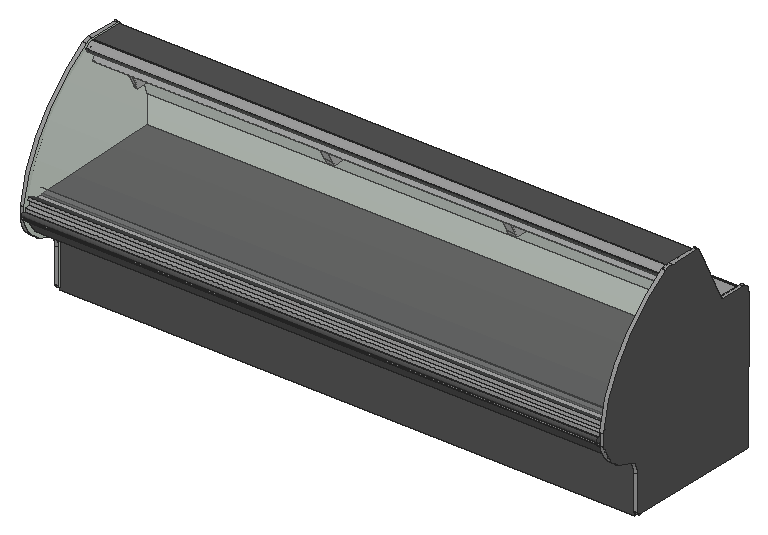
Revit family "ES1_2014", category Specialty Equipment, Revit 2014
Parameters (values of type "12'-0" Length")
  Width = 144 1/2"
  Waste Drain = 1 1/2"  # constant formula
  URL = "www.hussmann.com"
  Type Comments = "Elite"  # constant formula
  Trim = Stainless Steel
  Total Weight = Case Weight + (2 * End Weight)  # 1400.00 lbf
  Splashguard = Textured Sheet Metal (Steel Painted) - 701 Black
  Side Panel - Right [instance] = yes
  Side Panel - Left [instance] = yes
  Shelves = Sheet Metal (Steel Painted) - 701 Black
  Revit Family Date = "05/26/2016"  # constant formula
  Refrigeration Lines Suction = 7/8"  # constant formula
  Refrigeration Lines Liquid = 3/8"  # constant formula
  Refrig. Suction = "Suction"
  Refrig. Liquid = "Liquid"
  Number of Supports = if(Width < 50", 2, if(Width < 100", 3, 4))  # 4
  Note from Manufacturer = "This model only comes in 4'-0\", 6'-0\", 8'-0\" and 12'-0\" lengths."
  Model URL = "http://www.hussmann.com/en/product%20viewer/display-cases/ES1"
  Model = "ES1"  # constant formula
  Manufacturer Disclaimer = "The information in this file is not intended to be an exact representation of the corresponding Hussmann product.  Further, we reserve the right to change or revise specifications and product design in connection with any feature of our products. Such changes do not entitle the buyer to corresponding changes, improvements, additions, or replacements for equipment previously sold or shipped."  # constant formula
  Manufacturer = "Hussmann Corporation"  # constant formula
  Light [instance] = yes
  Height = 52 1/8"  # constant formula
  Glazing = Glass
  Ends = Textured Sheet Metal (Steel Painted) - 701 Black
  End Weight = 100.00 lbf  # constant formula
  Drain from Center = if(Width = 72 3/8", 12 1/16", if(Width = 96 3/8", 24 1/16", 1/64"))  # 1/64"
  Door Frame = Plastic - 701 Black
  Description = "Single Deck Curved Glass Case for Deli, Meat, or Seafood"  # constant formula
  Depth = 46 1/8"  # constant formula
  Cutsheet URL = "http://www.hussmann.com/en/Technical%20Documents/0522406_D_ES1.pdf"
  Close Off Panel = Textured Sheet Metal (Steel Painted) - 701 Black
  Case Weight = if(Width = 48 1/4", 600.00 lbf, if(Width = 72 3/8", 700.00 lbf, if(Width = 96 3/8", 1100.00 lbf, if(Width = 144 1/2", 1200.00 lbf, 0.00 lbf))))  # 1200.00 lbf
  Case Interior - Side Panel = Mirror
  Case Interior - Back Panel = Mirror
  Case = Textured Sheet Metal (Steel Painted) - 701 Black
  Bumper = Extruded PVC - 701 Black
  Assembly Code = ""
  Accessories/Options = ""
  8 Case = Width = 96 3/8"  # no
  6 Case = Width = 72 3/8"  # no
  12 Case = Width = 144 1/2"  # yes
Types (4): name | Width | Total Weight | Number of Supports | Drain from Center | Case Weight | 8 Case | 6 Case | 12 Case
  12'-0" Length | 144 1/2" | 1400.00 lbf | 4 | 1/64" | 1200.00 lbf | no | no | yes
  8'-0" Length | 96 3/8" | 1300.00 lbf | 3 | 24 1/16" | 1100.00 lbf | yes | no | no
  6'-0" Length | 72 3/8" | 900.00 lbf | 3 | 12 1/16" | 700.00 lbf | no | yes | no
  4'-0" Length | 48 1/4" | 800.00 lbf | 2 | 1/64" | 600.00 lbf | no | no | no
Reference planes (in)
  plane 1 "Back": y = 0
  plane 2 "Bottom": z = 0
  plane 3 "Top": z = 52.125
  plane 4 "Left": x = -77.30699
  plane 5 "Front": y = -46.125
  plane 6 "Center (Left/Right)": x = -5.05699
  plane 7: x = -78.30699
  plane 8 "Right": x = 67.19301
  plane 9: x = 68.19301
Forms (in)
  Extrusion 1, solid, material "Metal - Copper"
    sketch origin (57.40105, 5, -0.375) x (1, 0, 0) y (0, 1, 0)
      loop
        circle (0.97946, -35.25) r 0.41359
      loop
        circle (0.97946, -35.25) r 0.4375
    from 15.9275 to 0.375
  Extrusion 2, solid, material "Metal - Copper"
    sketch origin (59.82608, 5, -0.375) x (1, 0, 0) y (0, 1, 0)
      loop
        circle (-0.82057, -35.25) r 0.17188
      loop
        circle (-0.82057, -35.25) r 0.1875
    from 15.9275 to 0.375
  Extrusion 3, solid, material "Metal - Copper"
    sketch origin (-56.6875, 1.04319, 0) x (1, 0, 0) y (0, 1, 0)
      loop
        arc (51.64614, -27.41819) -> (51.11581, -27.63786) -> (50.89614, -28.16819) r 0.75
        arc (50.89614, -28.16819) -> (51.11581, -28.69852) -> (51.64614, -28.91819) r 0.75
        arc (51.64614, -28.91819) -> (52.17647, -28.69852) -> (52.39614, -28.16819) r 0.75
        arc (52.39614, -28.16819) -> (52.17647, -27.63786) -> (51.64614, -27.41819) r 0.75
      loop
        circle (51.64614, -28.16819) r 0.7102
    from 15.5525 to 14.5064
  Extrusion 4, solid, material "Textured Sheet Metal (Steel Painted) - 701 Black" <- "Splashguard"
    sketch origin (-77.30699, 0, 0) x (0, 1, 0) y (0, 0, 1)
      loop
        line (-33.696, 14.616) -> (-34.125, 14.616) -> (-34.125, 0) -> (-33.696, 0) -> (-33.696, 0.6875) -> (-33.696, 14.616)
      loop
        line (-4.85, 11.929) -> (-4.85, 12.31836) -> (-5.077, 12.31836) -> (-5.077, 0) -> (-4.577, 0) -> (-4.577, 11.929) -> (-4.85, 11.929)
    from 0 to 144.5 <- "Width"
  Extrusion 5, solid, material "Textured Sheet Metal (Steel Painted) - 701 Black" <- "Case"
    sketch origin (-77.30699, 0, 0) x (0, 1, 0) y (0, 0, 1)
      loop
        arc (-44.21136, 20.55912) -> (-41.24283, 16.19096) -> (-36.23731, 14.5064) r 8.279
        line (-36.23731, 14.5064) -> (-35.92331, 14.5064) -> (-35.92331, 15.0455) -> (-33.4203, 15.0455) -> (-33.4203, 15.5525) -> (-6.022, 15.5525) -> (-6.022, 12.31836) -> (-3.09214, 12.31836) -> (-1.484, 13.9265) -> (-1.484, 36.773) -> (-8.51731, 36.773) -> (-6.96432, 32.5062) -> (-6.869, 32.54089) -> (-6.869, 21.4475) -> (-8.89025, 21.4475) -> (-8.98391, 24.12974) -> (-19.0218, 23.77923) -> (-19.02552, 23.88595) -> (-27.0014, 21.4475) -> (-38.27432, 21.4475) -> (-38.27432, 23.29152) -> (-44.989, 23.29152) -> (-44.989, 20.64812)
        arc (-44.989, 20.64812) -> (-44.96293, 20.58519) -> (-44.9, 20.55912) r 0.089
        line (-44.9, 20.55912) -> (-44.21136, 20.55912)
      loop
        line (-23.84996, 49.48886) -> (-21.66335, 49.48886) -> (-16.1452, 49.48886) -> (-15.72409, 48.75946) -> (-15.04211, 49.10695) -> (-14.76711, 49.95331) -> (-15.80989, 51.99989) -> (-24.03864, 51.99989) -> (-24.03864, 50.75308) -> (-23.84996, 50.75308) -> (-23.84996, 49.48886)
    from 0 to 144.5 <- "Width"
  Extrusion 6, solid, material "Sheet Metal (Steel Painted) - 701 Black" <- "Shelves"
    sketch origin (-77.30699, 0, 0) x (0, 1, 0) y (0, 0, 1)
      loop
        line (-6.90546, 25.39651) -> (-39.94989, 24.31879) -> (-39.92473, 23.5472) -> (-6.8803, 24.62492) -> (-6.90546, 25.39651)
    from 0 to 144.5 <- "Width"
  Extrusion 7, solid, material "Glass" <- "Glazing"
    sketch origin (-77.30699, 0, 0) x (0, 1, 0) y (0, 0, 1)
      loop
        arc (-25.37545, 51.07081) -> (-37.61205, 39.91392) -> (-44.31895, 24.77364) r 40.236
        line (-44.31895, 24.77364) -> (-44.08813, 24.72451)
        arc (-44.08813, 24.72451) -> (-37.42056, 39.77598) -> (-25.25573, 50.86742) r 40
        line (-25.25573, 50.86742) -> (-25.37545, 51.07081)
    from 0 to 144.5 <- "Width"
  Extrusion 8, solid, material "Stainless Steel" <- "Trim"
    sketch origin (-77.30699, 0, 0) x (0, 1, 0) y (0, 0, 1)
      loop
        line (-40.30332, 24.18252) -> (-41.50346, 24.18252) -> (-43.49778, 25.33394) -> (-43.9321, 25.4264)
        arc (-43.9321, 25.4264) -> (-44.01169, 25.0758) -> (-44.08813, 24.72451) r 40
        line (-44.08813, 24.72451) -> (-44.31895, 24.77364)
        arc (-44.31895, 24.77364) -> (-44.24253, 25.12494) -> (-44.16297, 25.47555) r 40.236
        line (-44.16297, 25.47555) -> (-44.2208, 25.48786) -> (-44.38341, 24.72398) -> (-43.68269, 24.57481) -> (-43.88693, 23.41652) -> (-45.114, 23.41652) -> (-45.114, 20.52312)
        arc (-45.114, 20.52312) -> (-45.08793, 20.46019) -> (-45.025, 20.43412) r 0.089
        line (-45.025, 20.43412) -> (-44.1754, 20.43412)
        arc (-44.1754, 20.43412) -> (-44.19362, 20.49655) -> (-44.21136, 20.55912) r 8.279
        line (-44.21136, 20.55912) -> (-44.9, 20.55912)
        arc (-44.9, 20.55912) -> (-44.96293, 20.58519) -> (-44.989, 20.64812) r 0.089
        line (-44.989, 20.64812) -> (-44.989, 23.29152) -> (-40.30332, 23.29152) -> (-40.30332, 24.18252)
      loop
        line (-1.484, 35.805) -> (-1.018, 36.271) -> (-1.018, 36.68575)
        arc (-1.018, 36.68575) -> (-0.40692, 36.23214) -> (-0.13069, 35.523) r 1.375
        line (-0.13069, 35.523) -> (-0.5, 35.523) -> (-0.5, 35.398) -> (0, 35.398)
        arc (0, 35.398) -> (-0.43934, 36.45866) -> (-1.5, 36.898) r 1.5
        line (-1.5, 36.898) -> (-1.90281, 36.898) -> (-1.90281, 37.211)
        arc (-1.90281, 37.211) -> (-1.92097, 37.25484) -> (-1.96481, 37.273) r 0.062
        line (-1.96481, 37.273) -> (-8.65281, 37.273) -> (-8.65281, 36.773) -> (-1.484, 36.773) -> (-1.484, 35.805)
      loop
        line (-19.72359, 48.88701) -> (-18.4034, 48.88701) -> (-18.75088, 49.48886) -> (-21.49225, 49.48886) -> (-23.12061, 49.17234) -> (-24.02159, 47.24018)
        arc (-24.02159, 47.24018) -> (-24.00493, 47.17808) -> (-23.94088, 47.18373) r 0.05
        line (-23.94088, 47.18373) -> (-23.14663, 48.88701) -> (-19.72359, 48.88701)
      loop
        arc (-23.84996, 50.02578) -> (-23.98456, 50.04148) -> (-24.11837, 50.06294) r 3.15396
        line (-24.11837, 50.06294) -> (-24.11837, 51.93732)
        arc (-24.11837, 51.93732) -> (-25.21636, 51.57413) -> (-26.05055, 50.7731) r 2.61654
        arc (-26.05055, 50.7731) -> (-26.05779, 50.74717) -> (-26.04667, 50.72265) r 0.03937
        line (-26.04667, 50.72265) -> (-26.02179, 50.68214)
        arc (-26.02179, 50.68214) -> (-25.69953, 50.87799) -> (-25.37545, 51.07081) r 40.236
        line (-25.37545, 51.07081) -> (-25.25573, 50.86742)
        arc (-25.25573, 50.86742) -> (-25.59848, 50.66336) -> (-25.93918, 50.45589) r 40
        line (-25.93918, 50.45589) -> (-25.81359, 50.25082) -> (-25.65449, 50.34825) -> (-25.29863, 49.76715)
        arc (-25.29863, 49.76715) -> (-25.21461, 49.67642) -> (-25.10215, 49.62504) r 0.31496
        line (-25.10215, 49.62504) -> (-24.41813, 49.46415)
        arc (-24.41813, 49.46415) -> (-23.50071, 49.36397) -> (-22.58632, 49.48886) r 3.78388
        line (-22.58632, 49.48886) -> (-23.84996, 49.48886) -> (-23.84996, 50.02578)
    from 0 to 144.5 <- "Width"
  Extrusion 9, solid, material "Extruded PVC - 701 Black" <- "Bumper"
    sketch origin (-77.30699, 0, 0) x (0, 1, 0) y (0, 0, 1)
      loop
        line (-45.114, 22.49036) -> (-45.445, 22.49036)
        arc (-45.445, 22.49036) -> (-46, 21.93536) -> (-45.445, 21.38036) r 0.555
        line (-45.445, 21.38036) -> (-45.114, 21.38036) -> (-45.114, 22.49036)
    from 0 to 144.5 <- "Width"
  Extrusion 10, solid, material "Glass" <- "Glazing"
    sketch origin (-77.30699, 0, 0) x (0, 1, 0) y (0, 0, 1)
      loop
        line (-40.30332, 23.41652) -> (-40.05332, 23.41652) -> (-40.05332, 25.91652) -> (-40.30332, 25.91652) -> (-40.30332, 23.41652)
    from 0 to 144.5 <- "Width"
  Extrusion 11, solid, material "Textured Sheet Metal (Steel Painted) - 701 Black" <- "Ends", visible <- "Side Panel - Left"
    sketch origin (-77.30699, 0, 0) x (0, 1, 0) y (0, 0, 1)
      loop
        arc (-25.61731, 51.68684) -> (-38.53762, 39.79918) -> (-45.26593, 23.5825) r 40.79974
        line (-45.26593, 23.5825) -> (-45.26593, 20.45652)
        arc (-45.26593, 20.45652) -> (-42.48429, 15.90089) -> (-37.66704, 13.60189) r 9.37494
        arc (-37.66704, 13.60189) -> (-35.28375, 12.2683) -> (-34.33818, 9.70618) r 3.94397
        line (-34.33818, 9.70618) -> (-34.33818, 0.98476)
        arc (-34.33818, 0.98476) -> (-34.19174, 0.63121) -> (-33.83819, 0.48476) r 0.5
        line (-33.83819, 0.48476) -> (-0.25603, 0.48476)
        arc (-0.25603, 0.48476) -> (0.09752, 0.63121) -> (0.24397, 0.98476) r 0.5
        line (0.24397, 0.98476) -> (0.24397, 1.35975) -> (0.24397, 35.52248) -> (0.24397, 36.02248)
        arc (0.24397, 36.02248) -> (-0.19537, 37.08313) -> (-1.25602, 37.52247) r 1.49999
        line (-1.25602, 37.52247) -> (-7.72963, 37.52247)
        arc (-7.72963, 37.52247) -> (-7.99087, 37.59615) -> (-8.17513, 37.79547) r 0.5
        line (-8.17513, 37.79547) -> (-8.57236, 38.5751) -> (-15.06501, 51.31763) -> (-15.46225, 52.09726)
        arc (-15.46225, 52.09726) -> (-15.55438, 52.19692) -> (-15.685, 52.23376) r 0.25
        line (-15.685, 52.23376) -> (-23.59835, 52.23376)
        arc (-23.59835, 52.23376) -> (-24.64421, 52.09461) -> (-25.61731, 51.68684) r 3.99997
    from 0 to -1
  Extrusion 12, solid, material "Textured Sheet Metal (Steel Painted) - 701 Black" <- "Ends", visible <- "Side Panel - Right"
    sketch origin (67.19301, 0, 0) x (0, 1, 0) y (0, 0, -1)
      loop
        arc (-25.61731, -51.68684) -> (-24.64421, -52.09461) -> (-23.59835, -52.23376) r 3.99997
        line (-23.59835, -52.23376) -> (-15.685, -52.23376)
        arc (-15.685, -52.23376) -> (-15.55438, -52.19692) -> (-15.46225, -52.09726) r 0.25
        line (-15.46225, -52.09726) -> (-15.06501, -51.31763) -> (-8.57236, -38.5751) -> (-8.17513, -37.79547)
        arc (-8.17513, -37.79547) -> (-7.99087, -37.59615) -> (-7.72963, -37.52247) r 0.5
        line (-7.72963, -37.52247) -> (-1.25602, -37.52247)
        arc (-1.25602, -37.52247) -> (-0.19537, -37.08313) -> (0.24397, -36.02248) r 1.49999
        line (0.24397, -36.02248) -> (0.24397, -35.52248) -> (0.24397, -1.35975) -> (0.24397, -0.98476)
        arc (0.24397, -0.98476) -> (0.09752, -0.63121) -> (-0.25603, -0.48476) r 0.5
        line (-0.25603, -0.48476) -> (-33.83819, -0.48476)
        arc (-33.83819, -0.48476) -> (-34.19174, -0.63121) -> (-34.33818, -0.98476) r 0.5
        line (-34.33818, -0.98476) -> (-34.33818, -9.70618)
        arc (-34.33818, -9.70618) -> (-35.28375, -12.2683) -> (-37.66704, -13.60189) r 3.94397
        arc (-37.66704, -13.60189) -> (-42.48429, -15.90089) -> (-45.26593, -20.45652) r 9.37494
        line (-45.26593, -20.45652) -> (-45.26593, -23.5825)
        arc (-45.26593, -23.5825) -> (-38.53762, -39.79918) -> (-25.61731, -51.68684) r 40.79974
    from 0 to -1
  Extrusion 13, solid, material "Stainless Steel" <- "Trim"
    sketch origin (-77.30699, 0, 0) x (0, 1, 0) y (0, 0, 1)
      loop
        line (-18.75088, 49.48886) -> (-11.18132, 36.378) -> (-11.36131, 36.378) -> (-10.73819, 35.39386) -> (-8.01535, 35.39386) -> (-8.37354, 36.378) -> (-8.57564, 36.378) -> (-16.1452, 49.48886) -> (-18.75088, 49.48886)
    from 0 to 1
  Extrusion 14, solid, material "Stainless Steel" <- "Trim"
    sketch origin (67.22426, 0, 0) x (0, 1, 0) y (0, 0, -1)
      loop
        line (-18.75088, -49.48886) -> (-16.1452, -49.48886) -> (-8.57564, -36.378) -> (-8.37354, -36.378) -> (-8.01535, -35.39386) -> (-10.73819, -35.39386) -> (-11.36131, -36.378) -> (-11.18132, -36.378) -> (-18.75088, -49.48886)
    from 0.03125 to 1
  Extrusion 15, solid, material "Stainless Steel" <- "Trim", visible <- "12 Case"
    sketch origin (-27.98928, -1.67018, 0) x (0, 1, 0) y (0, 0, 1)
      loop
        line (-17.0807, 49.48886) -> (-9.51114, 36.378) -> (-9.69113, 36.378) -> (-9.06801, 35.39386) -> (-6.34517, 35.39386) -> (-6.70336, 36.378) -> (-6.90546, 36.378) -> (-14.47502, 49.48886) -> (-17.0807, 49.48886)
    from -1 to 1
  Extrusion 16, solid, material "Stainless Steel" <- "Trim", visible <- "12 Case"
    sketch origin (17.84406, -1.67018, 0) x (0, 1, 0) y (0, 0, 1)
      loop
        line (-17.0807, 49.48886) -> (-9.51114, 36.378) -> (-9.69113, 36.378) -> (-9.06801, 35.39386) -> (-6.34517, 35.39386) -> (-6.70336, 36.378) -> (-6.90546, 36.378) -> (-14.47502, 49.48886) -> (-17.0807, 49.48886)
    from -1 to 1
  Extrusion 17, solid, material "Stainless Steel" <- "Trim", visible <- "8 Case"
    sketch origin (-29.23928, -1.67018, 0) x (0, 1, 0) y (0, 0, 1)
      loop
        line (-17.0807, 49.48886) -> (-9.51114, 36.378) -> (-9.69113, 36.378) -> (-9.06801, 35.39386) -> (-6.34517, 35.39386) -> (-6.70336, 36.378) -> (-6.90546, 36.378) -> (-14.47502, 49.48886) -> (-17.0807, 49.48886)
    from -1 to 1
  Extrusion 18, solid, material "Stainless Steel" <- "Trim", visible <- "6 Case"
    sketch origin (-41.11949, -1.67018, 0) x (0, 1, 0) y (0, 0, 1)
      loop
        line (-17.0807, 49.48886) -> (-9.51114, 36.378) -> (-9.69113, 36.378) -> (-9.06801, 35.39386) -> (-6.34517, 35.39386) -> (-6.70336, 36.378) -> (-6.90546, 36.378) -> (-14.47502, 49.48886) -> (-17.0807, 49.48886)
    from -1 to 1
Lines and regions (in)
  reference lines
    curve 1: line (-73.80699, -46.125, 0) -> (-73.80699, 0, 0)
    curve 2: line (-5.04136, -46.125, 0) -> (-5.04136, 0, 0)
    curve 3: line (63.69301, -46.125, 0) -> (63.69301, 0, 0)
    curve 4: line (58.81801, -46.125, 0) -> (58.81801, 0, 0)
    curve 5: line (-77.30699, -27.125, 0) -> (67.19301, -27.125, 0)
    curve 6: line (67.19301, -30.25, 0) -> (-77.30699, -30.25, 0)
Dimensions and locks (in)
  equal spacing: plane 4 "Left", plane 6 "Center (Left/Right)", plane 8 "Right"
  locked: plane 7 to plane 4 "Left" at 1
  "Width": plane 4 "Left" to plane 8 "Right"
  locked: plane 4 "Left" to curve 1 at 3.5
  locked: curve 3 to plane 8 "Right" at 3.5
  "Depth": plane 5 "Front" to plane 1 "Back"
  locked: curve 4 to plane 8 "Right" at 8.375
  "Height": plane 3 "Top" to level
  plane 1 "Back" to curve 5 = 27 1/8"
  locked: plane 1 "Back" to curve 6 at 30.25
  locked: plane 8 "Right" to plane 9 at 1
  locked: Extrusion 3 sketch curve to Extrusion 3 sketch curve at 0.0398
  locked: Extrusion 2 sketch curve to Extrusion 2 sketch curve at 0.01562
  locked: Extrusion 1 sketch curve to Extrusion 1 sketch curve at 0.02391
  locked: nested 1 to plane 1 "Back" at 19.4375
  equal spacing: group 1, group 3, group 4, group 2  (x3)
  "Drain from Center": plane 6 "Center (Left/Right)" to curve 2
  locked: plane 4 "Left" to Extrusion 13 at 1
  locked: Extrusion 14 to plane 8 "Right" at 0.96875
  "Waste Drain": diameter of Extrusion 3 sketch curve
  "Refrigeration Lines Liquid": diameter of Extrusion 2 sketch curve
  "Refrigeration Lines Suction": diameter of Extrusion 1 sketch curve
  aligned and locked: plane 5 "Front" to curve 3
  aligned and locked: plane 5 "Front" to curve 2
  aligned and locked: plane 5 "Front" to curve 1
  aligned and locked: plane 4 "Left" to curve 5
  aligned and locked: plane 4 "Left" to curve 6
  aligned and locked: plane 8 "Right" to curve 6
  aligned and locked: plane 8 "Right" to curve 5
  aligned and locked: Extrusion 1 to level
  aligned and locked: Extrusion 2 to level
  aligned and locked: curve 6 to Extrusion 2 sketch curve  (x4)
  aligned and locked: curve 6 to Extrusion 1 sketch curve  (x4)
  aligned and locked: curve 5 to Extrusion 3 sketch curve
  aligned and locked: curve 2 to Extrusion 3 sketch curve
  aligned and locked: curve 4 to Extrusion 2 sketch curve
  aligned and locked: curve 4 to Extrusion 1 sketch curve
  aligned and locked: curve 3 to nested 2
  aligned and locked: curve 1 to nested 1
  aligned and locked: plane 7 to Extrusion 11
  aligned and locked: plane 9 to Extrusion 12
  aligned and locked: Extrusion 12 to plane 8 "Right"
  aligned and locked: Extrusion 14 to Extrusion 12
  aligned and locked: plane 4 "Left" to nested 3
  aligned and locked: plane 4 "Left" to nested 4
Automatic sketch dimensions
  Extrusion 4 sketch curve to level = 0"  (x2)
  plane 5 "Front" to Extrusion 4 sketch curve = 12"
  Extrusion 4 sketch curve to Extrusion 4 sketch curve = 0.429"
  plane 1 "Back" to Extrusion 4 sketch curve = 5.077"
  Extrusion 4 sketch curve to Extrusion 4 sketch curve = 0.227"
  Extrusion 4 sketch curve to Extrusion 4 sketch curve = 0.273"
  level to Extrusion 4 sketch curve = 11/16"
  Extrusion 4 sketch curve to Extrusion 4 sketch curve = 11.929"
  Extrusion 4 sketch curve to Extrusion 4 sketch curve = 0.38936"
  Extrusion 4 sketch curve to Extrusion 4 sketch curve = 13.9285"
  plane 5 "Front" to Extrusion 5 sketch curve = 1.136"
  Extrusion 5 sketch curve to Extrusion 5 sketch curve = 0.089"
  Extrusion 5 sketch curve to Extrusion 5 sketch curve = 0.68864"
  Extrusion 5 sketch curve to Extrusion 5 sketch curve = 5.93704"
  Extrusion 5 sketch curve to Extrusion 5 sketch curve = 2.03701"
  Extrusion 5 sketch curve to Extrusion 5 sketch curve = 0.314"
  Extrusion 5 sketch curve to Extrusion 5 sketch curve = 2.50301"
  plane 3 "Top" to Extrusion 5 sketch curve = 0.12511"
  plane 5 "Front" to Extrusion 5 sketch curve = 22.08636"
  Extrusion 5 sketch curve to Extrusion 5 sketch curve = 0.18868"
  Extrusion 5 sketch curve to Extrusion 5 sketch curve = 2.18661"
  plane 3 "Top" to Extrusion 5 sketch curve = 2.63614"
  Extrusion 5 sketch curve to Extrusion 5 sketch curve = 5.51814"
  Extrusion 5 sketch curve to Extrusion 5 sketch curve = 0.33531"
  plane 3 "Top" to Extrusion 5 sketch curve = 3.36554"
  Extrusion 5 sketch curve to Extrusion 5 sketch curve = 0.42112"
  plane 3 "Top" to Extrusion 5 sketch curve = 3.01805"
  Extrusion 5 sketch curve to Extrusion 5 sketch curve = 0.68198"
  plane 3 "Top" to Extrusion 5 sketch curve = 2.17169"
  Extrusion 5 sketch curve to Extrusion 5 sketch curve = 0.275"
  plane 1 "Back" to Extrusion 5 sketch curve = 8.51731"
  Extrusion 5 sketch curve to Extrusion 5 sketch curve = 1.55299"
  plane 1 "Back" to Extrusion 5 sketch curve = 6.869"
  Extrusion 5 sketch curve to Extrusion 5 sketch curve = 0.847"
  Extrusion 5 sketch curve to Extrusion 5 sketch curve = 2.92986"
  plane 1 "Back" to Extrusion 5 sketch curve = 1.484"
  plane 3 "Top" to Extrusion 5 sketch curve = 15.352"
  Extrusion 5 sketch curve to Extrusion 5 sketch curve = 4.23211"
  level to Extrusion 5 sketch curve = 23.29152"
  Extrusion 5 sketch curve to Extrusion 5 sketch curve = 0.50612"
  Extrusion 5 sketch curve to Extrusion 5 sketch curve = 11.0587"
  Extrusion 5 sketch curve to Extrusion 5 sketch curve = 2.64341"
  Extrusion 5 sketch curve to Extrusion 5 sketch curve = 5.895"  (x2)
  Extrusion 5 sketch curve to Extrusion 5 sketch curve = 0.5391"
  Extrusion 5 sketch curve to Extrusion 5 sketch curve = 1.626"
  Extrusion 5 sketch curve to Extrusion 5 sketch curve = 1.60814"
  Extrusion 5 sketch curve to Extrusion 5 sketch curve = 1.2468"
  plane 5 "Front" to Extrusion 6 sketch curve = 6.17511"
  Extrusion 6 sketch curve to Extrusion 6 sketch curve = 0.02516"
  plane 1 "Back" to Extrusion 6 sketch curve = 6.90546"
  level to Extrusion 6 sketch curve = 23.5472"
  Extrusion 6 sketch curve to Extrusion 6 sketch curve = 0.77159"
  Extrusion 7 sketch curve to Extrusion 7 sketch curve = 0"  (x2)
  plane 5 "Front" to Extrusion 7 sketch curve = 1.80605"
  Extrusion 7 sketch curve to Extrusion 7 sketch curve = 0.23083"
  plane 3 "Top" to Extrusion 7 sketch curve = 1.05419"
  plane 5 "Front" to Extrusion 7 sketch curve = 20.74955"
  plane 3 "Top" to Extrusion 7 sketch curve = 1.25758"
  Extrusion 7 sketch curve to Extrusion 7 sketch curve = 0.11972"
  plane 1 "Back" to Extrusion 7 sketch curve = 4.96478"
  level to Extrusion 7 sketch curve = 24.77364"
  Extrusion 8 sketch curve to Extrusion 8 sketch curve = 0"  (x14)
  Extrusion 8 sketch curve to plane 1 "Back" = 0"
  plane 1 "Back" to Extrusion 8 sketch curve = 0.13069"
  Extrusion 8 sketch curve to Extrusion 8 sketch curve = 0.36931"
  Extrusion 8 sketch curve to Extrusion 8 sketch curve = 0.518"
  Extrusion 8 sketch curve to Extrusion 8 sketch curve = 0.466"
  Extrusion 8 sketch curve to Extrusion 8 sketch curve = 0.016"
  Extrusion 8 sketch curve to Extrusion 8 sketch curve = 0.40281"
  Extrusion 8 sketch curve to Extrusion 8 sketch curve = 0.062"
  plane 1 "Back" to Extrusion 8 sketch curve = 4.96478"
  Extrusion 8 sketch curve to Extrusion 8 sketch curve = 6.688"
  plane 3 "Top" to Extrusion 8 sketch curve = 3.23799"
  Extrusion 8 sketch curve to Extrusion 8 sketch curve = 9.7506"
  plane 3 "Top" to Extrusion 8 sketch curve = 2.63614"
  Extrusion 8 sketch curve to Extrusion 8 sketch curve = 0.34748"
  Extrusion 8 sketch curve to Extrusion 8 sketch curve = 0.97271"
  Extrusion 8 sketch curve to Extrusion 8 sketch curve = 1.76866"
  Extrusion 8 sketch curve to Extrusion 8 sketch curve = 1.09407"
  plane 3 "Top" to Extrusion 8 sketch curve = 2.95266"
  Extrusion 8 sketch curve to Extrusion 8 sketch curve = 0.53429"
  Extrusion 8 sketch curve to Extrusion 8 sketch curve = 0.02602"
  Extrusion 8 sketch curve to plane 3 "Top" = 1.02251"
  Extrusion 8 sketch curve to Extrusion 8 sketch curve = 0.96543"
  Extrusion 8 sketch curve to Extrusion 8 sketch curve = 0.00022"
  Extrusion 8 sketch curve to Extrusion 8 sketch curve = 0.72935"
  Extrusion 8 sketch curve to Extrusion 8 sketch curve = 0.01603"
  plane 3 "Top" to Extrusion 8 sketch curve = 4.94127"
  Extrusion 8 sketch curve to Extrusion 8 sketch curve = 0.79425"
  Extrusion 8 sketch curve to Extrusion 8 sketch curve = 0.03539"
  plane 3 "Top" to Extrusion 8 sketch curve = 4.88482"
  Extrusion 8 sketch curve to Extrusion 8 sketch curve = 0.04532"
  plane 3 "Top" to Extrusion 8 sketch curve = 0.18768"
  Extrusion 8 sketch curve to Extrusion 8 sketch curve = 0.56661"
  plane 3 "Top" to Extrusion 8 sketch curve = 2.66085"
  Extrusion 8 sketch curve to Extrusion 8 sketch curve = 0.55215"
  Extrusion 8 sketch curve to Extrusion 8 sketch curve = 0.6119"
  plane 3 "Top" to Extrusion 8 sketch curve = 2.49996"
  Extrusion 8 sketch curve to Extrusion 8 sketch curve = 0.07212"
  plane 3 "Top" to Extrusion 8 sketch curve = 1.25758"
  Extrusion 8 sketch curve to Extrusion 8 sketch curve = 0.2257"
  plane 3 "Top" to Extrusion 8 sketch curve = 2.35785"
  Extrusion 8 sketch curve to Extrusion 8 sketch curve = 0.19648"
  plane 3 "Top" to Extrusion 8 sketch curve = 1.05419"
  Extrusion 8 sketch curve to Extrusion 8 sketch curve = 0.11972"
  plane 3 "Top" to Extrusion 8 sketch curve = 1.77675"
  Extrusion 8 sketch curve to Extrusion 8 sketch curve = 0.39876"
  plane 3 "Top" to Extrusion 8 sketch curve = 1.87418"
  level to Extrusion 8 sketch curve = 50.45589"
  Extrusion 8 sketch curve to Extrusion 8 sketch curve = 0.07935"
  plane 3 "Top" to Extrusion 8 sketch curve = 1.44286"
  plane 3 "Top" to Extrusion 8 sketch curve = 1 103/256"
  Extrusion 8 sketch curve to Extrusion 8 sketch curve = 0.02814"
  plane 5 "Front" to Extrusion 8 sketch curve = 9.88769"
  Extrusion 8 sketch curve to Extrusion 8 sketch curve = 4.06601"
  Extrusion 8 sketch curve to Extrusion 8 sketch curve = 1.20014"
  Extrusion 8 sketch curve to Extrusion 8 sketch curve = 1.99432"
  Extrusion 8 sketch curve to Extrusion 8 sketch curve = 0.18491"
  Extrusion 8 sketch curve to Extrusion 8 sketch curve = 0.20424"
  Extrusion 8 sketch curve to Extrusion 8 sketch curve = 0.43432"
  Extrusion 8 sketch curve to Extrusion 8 sketch curve = 0.40544"
  Extrusion 8 sketch curve to Extrusion 8 sketch curve = 0.23086"
  plane 5 "Front" to Extrusion 8 sketch curve = 1.9496"
  Extrusion 8 sketch curve to Extrusion 8 sketch curve = 0.03596"
  Extrusion 8 sketch curve to Extrusion 8 sketch curve = 0.05783"
  Extrusion 8 sketch curve to Extrusion 8 sketch curve = 0.23083"
  Extrusion 8 sketch curve to Extrusion 8 sketch curve = 0.06446"
  Extrusion 8 sketch curve to Extrusion 8 sketch curve = 0.68864"
  Extrusion 8 sketch curve to Extrusion 8 sketch curve = 0.089"
  Extrusion 8 sketch curve to Extrusion 8 sketch curve = 1/8"  (x6)
  level to Extrusion 8 sketch curve = 20.43412"
  Extrusion 8 sketch curve to Extrusion 8 sketch curve = 2.64341"
  Extrusion 8 sketch curve to Extrusion 8 sketch curve = 0.891"
  Extrusion 8 sketch curve to Extrusion 8 sketch curve = 1.15828"
  Extrusion 8 sketch curve to Extrusion 8 sketch curve = 0.14917"
  Extrusion 8 sketch curve to Extrusion 8 sketch curve = 0.04914"
  Extrusion 8 sketch curve to Extrusion 8 sketch curve = 0.09246"
  plane 3 "Top" to Extrusion 8 sketch curve = 16.727"
  Extrusion 8 sketch curve to Extrusion 8 sketch curve = 0.407"
  Extrusion 8 sketch curve to Extrusion 8 sketch curve = 0.41475"
  Extrusion 8 sketch curve to Extrusion 8 sketch curve = 0.313"
  Extrusion 8 sketch curve to Extrusion 8 sketch curve = 0.15588"
  Extrusion 8 sketch curve to Extrusion 8 sketch curve = 0.53692"
  Extrusion 8 sketch curve to Extrusion 8 sketch curve = 0.03717"
  Extrusion 8 sketch curve to Extrusion 8 sketch curve = 0.02754"
  plane 5 "Front" to Extrusion 9 sketch curve = 0.68"
  Extrusion 9 sketch curve to Extrusion 9 sketch curve = 0.331"
  level to Extrusion 9 sketch curve = 21.38036"
  Extrusion 9 sketch curve to Extrusion 9 sketch curve = 0.555"
  plane 5 "Front" to Extrusion 10 sketch curve = 5.82168"
  Extrusion 10 sketch curve to Extrusion 10 sketch curve = 1/4"
  level to Extrusion 10 sketch curve = 23.41652"
  Extrusion 10 sketch curve to Extrusion 10 sketch curve = 2 1/2"
  plane 5 "Front" to Extrusion 11 sketch curve = 0.85907"
  plane 5 "Front" to Extrusion 11 sketch curve = 7.84284"
  Extrusion 11 sketch curve to Extrusion 11 sketch curve = 9.06105"
  level to Extrusion 11 sketch curve = 0.98476"
  Extrusion 11 sketch curve to Extrusion 11 sketch curve = 3.94397"
  Extrusion 11 sketch curve to Extrusion 11 sketch curve = 1/2"  (x2)
  plane 3 "Top" to Extrusion 11 sketch curve = 3.89121"
  plane 5 "Front" to Extrusion 11 sketch curve = 22.52665"
  plane 3 "Top" to Extrusion 11 sketch curve = 0.14124"
  Extrusion 11 sketch curve to Extrusion 11 sketch curve = 7.91335"
  plane 3 "Top" to Extrusion 11 sketch curve = 0.02774"
  Extrusion 11 sketch curve to Extrusion 11 sketch curve = 0.22275"
  plane 3 "Top" to Extrusion 11 sketch curve = 0.80737"
  Extrusion 11 sketch curve to Extrusion 11 sketch curve = 0.39724"  (x2)
  plane 1 "Back" to Extrusion 11 sketch curve = 8.57236"
  Extrusion 11 sketch curve to Extrusion 11 sketch curve = 0.4455"
  plane 1 "Back" to Extrusion 11 sketch curve = 5.09953"
  plane 1 "Back" to Extrusion 11 sketch curve = 1.25602"
  plane 1 "Back" to Extrusion 11 sketch curve = 0.25603"
  Extrusion 11 sketch curve to plane 1 "Back" = 0.24397"
  Extrusion 11 sketch curve to Extrusion 11 sketch curve = 3/8"
  Extrusion 11 sketch curve to Extrusion 11 sketch curve = 8.72142"
  Extrusion 11 sketch curve to Extrusion 11 sketch curve = 15.06182"
  Extrusion 11 sketch curve to Extrusion 11 sketch curve = 10.75034"
  Extrusion 11 sketch curve to Extrusion 11 sketch curve = 2.40558"
  Extrusion 11 sketch curve to Extrusion 11 sketch curve = 3.12598"
  plane 3 "Top" to Extrusion 11 sketch curve = 16.60252"
  Extrusion 11 sketch curve to Extrusion 11 sketch curve = 0.273"
  Extrusion 11 sketch curve to Extrusion 11 sketch curve = 0.77963"
  plane 5 "Front" to Extrusion 12 sketch curve = 0.85907"
  plane 5 "Front" to Extrusion 12 sketch curve = 7.84284"
  Extrusion 12 sketch curve to Extrusion 12 sketch curve = 9.06105"
  level to Extrusion 12 sketch curve = 0.98476"
  Extrusion 12 sketch curve to Extrusion 12 sketch curve = 3.94397"
  Extrusion 12 sketch curve to Extrusion 12 sketch curve = 1/2"  (x2)
  plane 3 "Top" to Extrusion 12 sketch curve = 3.89121"
  plane 5 "Front" to Extrusion 12 sketch curve = 22.52665"
  plane 3 "Top" to Extrusion 12 sketch curve = 0.14124"
  Extrusion 12 sketch curve to Extrusion 12 sketch curve = 7.91335"
  plane 3 "Top" to Extrusion 12 sketch curve = 0.02774"
  Extrusion 12 sketch curve to Extrusion 12 sketch curve = 0.22275"
  plane 3 "Top" to Extrusion 12 sketch curve = 0.80737"
  Extrusion 12 sketch curve to Extrusion 12 sketch curve = 0.39724"  (x2)
  plane 1 "Back" to Extrusion 12 sketch curve = 8.57236"
  Extrusion 12 sketch curve to Extrusion 12 sketch curve = 0.4455"
  plane 1 "Back" to Extrusion 12 sketch curve = 5.09953"
  plane 1 "Back" to Extrusion 12 sketch curve = 1.25602"
  plane 1 "Back" to Extrusion 12 sketch curve = 0.25603"
  Extrusion 12 sketch curve to plane 1 "Back" = 0.24397"
  plane 3 "Top" to Extrusion 12 sketch curve = 13.5499"
  Extrusion 12 sketch curve to Extrusion 12 sketch curve = 0.55263"
  Extrusion 12 sketch curve to Extrusion 12 sketch curve = 0.22699"
  level to Extrusion 12 sketch curve = 23.5825"
  Extrusion 12 sketch curve to Extrusion 12 sketch curve = 0.7204"
  Extrusion 12 sketch curve to Extrusion 12 sketch curve = 3.12598"
  Extrusion 12 sketch curve to Extrusion 12 sketch curve = 15.43681"
  Extrusion 12 sketch curve to Extrusion 12 sketch curve = 8.72142"
  Extrusion 12 sketch curve to Extrusion 12 sketch curve = 3/8"
  plane 3 "Top" to Extrusion 13 sketch curve = 2.63614"
  plane 1 "Back" to Extrusion 13 sketch curve = 18.75088"
  Extrusion 13 sketch curve to Extrusion 13 sketch curve = 2.60568"
  plane 1 "Back" to Extrusion 13 sketch curve = 11.36131"
  Extrusion 13 sketch curve to Extrusion 13 sketch curve = 0.17999"
  Extrusion 13 sketch curve to Extrusion 13 sketch curve = 0.44313"
  Extrusion 13 sketch curve to Extrusion 13 sketch curve = 2.16254"
  Extrusion 13 sketch curve to Extrusion 13 sketch curve = 0.2021"
  Extrusion 13 sketch curve to Extrusion 13 sketch curve = 0.3582"
  Extrusion 13 sketch curve to Extrusion 13 sketch curve = 13.11086"
  Extrusion 13 sketch curve to Extrusion 13 sketch curve = 0"
  Extrusion 13 sketch curve to Extrusion 13 sketch curve = 0.98414"
  plane 3 "Top" to Extrusion 14 sketch curve = 2.63614"
  plane 1 "Back" to Extrusion 14 sketch curve = 18.75088"
  Extrusion 14 sketch curve to Extrusion 14 sketch curve = 2.60568"
  plane 1 "Back" to Extrusion 14 sketch curve = 11.36131"
  Extrusion 14 sketch curve to Extrusion 14 sketch curve = 0.17999"
  Extrusion 14 sketch curve to Extrusion 14 sketch curve = 0.44313"
  Extrusion 14 sketch curve to Extrusion 14 sketch curve = 2.16254"
  Extrusion 14 sketch curve to Extrusion 14 sketch curve = 0.2021"
  Extrusion 14 sketch curve to Extrusion 14 sketch curve = 0.3582"
  Extrusion 14 sketch curve to Extrusion 14 sketch curve = 13.11086"
  Extrusion 14 sketch curve to Extrusion 14 sketch curve = 0"
  Extrusion 14 sketch curve to Extrusion 14 sketch curve = 0.98414"
  plane 3 "Top" to Extrusion 15 sketch curve = 2.63614"
  plane 1 "Back" to Extrusion 15 sketch curve = 18.75088"
  Extrusion 15 sketch curve to Extrusion 15 sketch curve = 2.60568"
  plane 1 "Back" to Extrusion 15 sketch curve = 11.36131"
  Extrusion 15 sketch curve to Extrusion 15 sketch curve = 0.17999"
  Extrusion 15 sketch curve to Extrusion 15 sketch curve = 0.44313"
  Extrusion 15 sketch curve to Extrusion 15 sketch curve = 2.16254"
  Extrusion 15 sketch curve to Extrusion 15 sketch curve = 0.2021"
  Extrusion 15 sketch curve to Extrusion 15 sketch curve = 0.3582"
  Extrusion 15 sketch curve to Extrusion 15 sketch curve = 13.11086"
  Extrusion 15 sketch curve to Extrusion 15 sketch curve = 0"
  Extrusion 15 sketch curve to Extrusion 15 sketch curve = 0.98414"
  plane 3 "Top" to Extrusion 16 sketch curve = 2.63614"
  plane 1 "Back" to Extrusion 16 sketch curve = 18.75088"
  Extrusion 16 sketch curve to Extrusion 16 sketch curve = 2.60568"
  plane 1 "Back" to Extrusion 16 sketch curve = 11.36131"
  Extrusion 16 sketch curve to Extrusion 16 sketch curve = 0.17999"
  Extrusion 16 sketch curve to Extrusion 16 sketch curve = 0.44313"
  Extrusion 16 sketch curve to Extrusion 16 sketch curve = 2.16254"
  Extrusion 16 sketch curve to Extrusion 16 sketch curve = 0.2021"
  Extrusion 16 sketch curve to Extrusion 16 sketch curve = 0.3582"
  Extrusion 16 sketch curve to Extrusion 16 sketch curve = 13.11086"
  Extrusion 16 sketch curve to Extrusion 16 sketch curve = 0"
  Extrusion 16 sketch curve to Extrusion 16 sketch curve = 0.98414"
  plane 3 "Top" to Extrusion 17 sketch curve = 2.63614"
  plane 1 "Back" to Extrusion 17 sketch curve = 18.75088"
  Extrusion 17 sketch curve to Extrusion 17 sketch curve = 2.60568"
  plane 1 "Back" to Extrusion 17 sketch curve = 11.36131"
  Extrusion 17 sketch curve to Extrusion 17 sketch curve = 0.17999"
  Extrusion 17 sketch curve to Extrusion 17 sketch curve = 0.44313"
  Extrusion 17 sketch curve to Extrusion 17 sketch curve = 2.16254"
  Extrusion 17 sketch curve to Extrusion 17 sketch curve = 0.2021"
  Extrusion 17 sketch curve to Extrusion 17 sketch curve = 0.3582"
  Extrusion 17 sketch curve to Extrusion 17 sketch curve = 13.11086"
  Extrusion 17 sketch curve to Extrusion 17 sketch curve = 0"
  Extrusion 17 sketch curve to Extrusion 17 sketch curve = 0.98414"
  plane 3 "Top" to Extrusion 18 sketch curve = 2.63614"
  plane 1 "Back" to Extrusion 18 sketch curve = 18.75088"
  Extrusion 18 sketch curve to Extrusion 18 sketch curve = 2.60568"
  plane 1 "Back" to Extrusion 18 sketch curve = 11.36131"
  Extrusion 18 sketch curve to Extrusion 18 sketch curve = 0.17999"
  Extrusion 18 sketch curve to Extrusion 18 sketch curve = 0.44313"
  Extrusion 18 sketch curve to Extrusion 18 sketch curve = 2.16254"
  Extrusion 18 sketch curve to Extrusion 18 sketch curve = 0.2021"
  Extrusion 18 sketch curve to Extrusion 18 sketch curve = 0.3582"
  Extrusion 18 sketch curve to Extrusion 18 sketch curve = 13.11086"
  Extrusion 18 sketch curve to Extrusion 18 sketch curve = 0"
  Extrusion 18 sketch curve to Extrusion 18 sketch curve = 0.98414"
  Extrusion 5 sketch curve to Extrusion 5 sketch curve = 6.4189"
  Extrusion 5 sketch curve to Extrusion 5 sketch curve = 0.00373"
  Extrusion 5 sketch curve to Extrusion 5 sketch curve = 2.11491"
  Extrusion 5 sketch curve to Extrusion 5 sketch curve = 0.10671"
  Extrusion 5 sketch curve to Extrusion 5 sketch curve = 2.43845"
  Extrusion 5 sketch curve to Extrusion 5 sketch curve = 2.02125"
  Extrusion 1 sketch curve to Extrusion 1 sketch curve = 0"
  Extrusion 2 sketch curve to Extrusion 2 sketch curve = 0"
  curve 4 to plane 5 "Front" = 0"
  plane 1 "Back" to curve 4 = 0"
  plane 1 "Back" to curve 1 = 0"
  plane 1 "Back" to curve 3 = 0"
  plane 1 "Back" to curve 2 = 0"
  Extrusion 3 sketch curve to Extrusion 3 sketch curve = 0"  (x3)
Nested families (in)
  nested 1: "Support - ES1" at (-73.80699, -19.4375, 0), type "Support - ES1"
  nested 2: "Support - ES1" at (63.69301, -19.4375, 0), type "Support - ES1"
  nested 3: "Light" at (-5.30699, -13.57604, -4.83299), visible <- "Light", type "Light"
  nested 4: "Light" at (-5.30699, -12.06261, -4.83299), visible <- "Light", type "Light"
  nested 5: "Support - ES1" at (-27.97365, -19.4375, 0), type "Support - ES1"
  nested 6: "Support - ES1" at (17.85968, -19.4375, 0), type "Support - ES1"
Connectors (in)
  piping at (58.38051, -30.25, 0), diameter 0.875, driven by "Refrig. Suction", driven by "Refrigeration Lines Suction"
    settings: on Extrusion 1, index 9, connector inside diameter 7/8", connector length 0", flow factor 0, pipe flow 0 GPM, pressure drop 0.00 psi, fitting loss kfactor 0, connector angle 0.00°, fixture units 0, engagement length 0", angle of deflection 0.00°, flow configuration 0, flow direction 2, fitting loss method 0, system type 22, joint type 0, gender type 0, connector reference index -1, connector utility 0, adjustable connector no, is connector primary yes, connector description "Suction"
  piping at (59.00551, -30.25, 0), diameter 0.375, driven by "Refrig. Liquid", driven by "Refrigeration Lines Liquid"
    settings: on Extrusion 2, index 10, connector inside diameter 3/8", connector length 0", flow factor 0, pipe flow 0 GPM, pressure drop 0.00 psi, fitting loss kfactor 0, connector angle 0.00°, fixture units 0, engagement length 0", angle of deflection 0.00°, flow configuration 0, flow direction 1, fitting loss method 0, system type 22, joint type 0, gender type 0, connector reference index -1, connector utility 0, adjustable connector no, is connector primary no, connector description "Liquid"
  piping at (-5.04136, -27.125, 14.5064), diameter 1.5, driven by "Waste Drain"
    settings: on Extrusion 3, index 11, connector inside diameter 1 1/4", connector length 0", flow factor 0, pipe flow 0 GPM, pressure drop 0.00 psi, fitting loss kfactor 0, connector angle 0.00°, fixture units 0, engagement length 0", angle of deflection 0.00°, flow configuration 0, flow direction 0, fitting loss method 0, system type 16, joint type 0, gender type 0, connector reference index -1, connector utility 0, adjustable connector no, is connector primary no, connector description ""
Definition of nested family "Support - ES1"
  Parameters (values of type "Support - ES1")
    Length = 26 3/8"
  Reference planes (in)
    plane 1 "Center (Front/Back)": y = 0
    plane 2: z = 0
    plane 3 "Center (Left/Right)": x = 0
    plane 4: y = 12.6615
    plane 5: y = -12.6615
    plane 6: z = 15.2683
    plane 7: y = 13.1875
    plane 8: y = -13.1875
  Forms (in)
    Extrusion 1, solid
      sketch origin (0, 0, 0) x (1, 0, 0) y (0, 1, 0)
        loop
          arc (0.3125, 12.6615) -> (0.22097, 12.88247) -> (0, 12.974) r 0.3125
          arc (0, 12.974) -> (-0.22097, 12.88247) -> (-0.3125, 12.6615) r 0.3125
          arc (-0.3125, 12.6615) -> (-0.22097, 12.44053) -> (0, 12.349) r 0.3125
          arc (0, 12.349) -> (0.22097, 12.44053) -> (0.3125, 12.6615) r 0.3125
        loop
          arc (0.3125, -12.6615) -> (0.22097, -12.44053) -> (0, -12.349) r 0.3125
          arc (0, -12.349) -> (-0.22097, -12.44053) -> (-0.3125, -12.6615) r 0.3125
          arc (-0.3125, -12.6615) -> (-0.22097, -12.88247) -> (0, -12.974) r 0.3125
          arc (0, -12.974) -> (0.22097, -12.88247) -> (0.3125, -12.6615) r 0.3125
      from 0 to 0.6875
    Extrusion 2, solid
      sketch origin (0, 0, 0) x (1, 0, 0) y (0, 1, 0)
        loop
          line (-2, 9.9375) -> (-2, -9.9375) -> (-1.25, -9.9375) -> (-1.25, -13.1875) -> (1.25, -13.1875) -> (1.25, -9.9375) -> (2, -9.9375) -> (2, 9.9375) -> (1.25, 9.9375) -> (1.25, 13.1875) -> (-1.25, 13.1875) -> (-1.25, 9.9375) -> (-2, 9.9375)
      from 0.6875 to 15.5525
  Dimensions and locks (in)
    locked: Extrusion 2 sketch curve to plane 7 at 3.25
    locked: Extrusion 2 sketch curve to plane 8 at 3.25
    locked: Extrusion 2 sketch curve to Extrusion 2 sketch curve at 4
    "Length": plane 7 to plane 8
    equal spacing: plane 7, plane 1 "Center (Front/Back)", plane 8
    locked: plane 4 to plane 7 at 0.526
    locked: plane 5 to plane 8 at 0.526
    aligned and locked: plane 2 to level
    aligned and locked: plane 3 "Center (Left/Right)" to Extrusion 1 sketch curve  (x4)
    aligned and locked: plane 4 to Extrusion 1 sketch curve  (x2)
    aligned and locked: plane 5 to Extrusion 1 sketch curve  (x2)
    aligned and locked: Extrusion 1 to Extrusion 2
    aligned and locked: Extrusion 2 sketch curve to Extrusion 2 sketch curve  (x2)
  Automatic sketch dimensions
    Extrusion 1 sketch curve to Extrusion 1 sketch curve = 5/16"  (x2)
    Extrusion 2 sketch curve to plane 7 = 0"
    Extrusion 2 sketch curve to plane 8 = 0"
    Extrusion 2 sketch curve to plane 3 "Center (Left/Right)" = 2"
    Extrusion 2 sketch curve to plane 3 "Center (Left/Right)" = 1 1/4"
    Extrusion 2 sketch curve to Extrusion 2 sketch curve = 3/4"  (x2)
    plane 3 "Center (Left/Right)" to Extrusion 2 sketch curve = 1 1/4"
Definition of nested family "Light"
  Parameters (values of type "Light")
    Wattage = 16.1571 W
    built-in parameter 1150110 = 1 (stored number, unit not read)
    built-in parameter 1114217 = 1 (stored number, unit not read)
    built-in parameter 1150109 = 1 (stored number, unit not read)
    built-in parameter 1150134 = (empty or 0)
    built-in parameter 1150113 = 1 (stored number, unit not read)
    Lumens = 2400 lm
    built-in parameter 1150115 = 1 (stored number, unit not read)
    built-in parameter 1150105 = 763.94 (stored number, unit not read)
    Light Source Symbol Size = 24"
    built-in parameter 1150137 = (empty or 0)
    built-in parameter 1150139 = (empty or 0)
    Lense = none
    Length = 144"
    built-in parameter 1150112 = 1 (stored number, unit not read)
    built-in parameter 1150114 = 1 (stored number, unit not read)
    built-in parameter 1150132 = 2
    built-in parameter 1150102 = (empty or 0)
    built-in parameter 1150138 = (empty or 0)
    built-in parameter 1150107 = 6100 (stored number, unit not read)
    built-in parameter 1150106 = 7.6394 (stored number, unit not read)
    Emit from Line Length = Length  # 144"
    built-in parameter 1150104 = 13.8 (stored number, unit not read)
    Dimming Lamp Color Temperature Shift = (empty or 0)
    Color Filter = 16777215
    Casing = none
    built-in parameter 1114218 = 1 (stored number, unit not read)
    built-in parameter 1150133 = 10 (stored number, unit not read)
  Reference planes (in)
    plane 1 "Light Source Axis (F/B)": y = -8.60801
    plane 2: z = 0
    plane 3 "Light Source Axis (L/R)": x = 0
    plane 4 "Light Source Elevation": z = 52.5
    plane 5: z = 0
    plane 6 "Left": x = -72
    plane 7 "Right": x = 72
  Lines and regions (in)
    model lines
      curve 1: line (-72, -8.60801, 52.5) -> (72, -8.60801, 52.5)
  Dimensions and locks (in)
    equal spacing: plane 7 "Right", plane 3 "Light Source Axis (L/R)", plane 6 "Left"
    "Length": plane 7 "Right" to plane 6 "Left"
    aligned and locked: plane 3 "Light Source Axis (L/R)" to imposter light
    aligned and locked: plane 1 "Light Source Axis (F/B)" to imposter light
    aligned and locked: plane 4 "Light Source Elevation" to imposter light
    aligned and locked: level to plane 5
  Automatic sketch dimensions
    plane 1 "Light Source Axis (F/B)" to curve 1 = 0"
    curve 1 to plane 6 "Left" = 0"
    curve 1 to plane 7 "Right" = 0"
